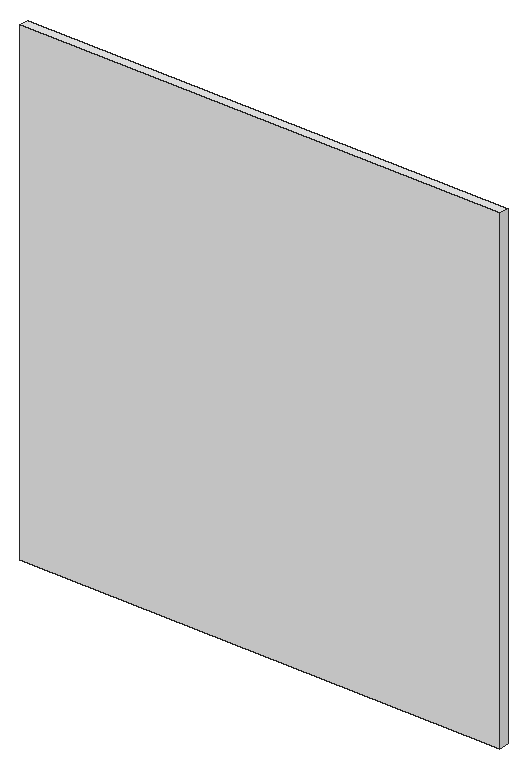
Revit family "Brick Greco Blanco_305591001", category Modelos genéricos, Revit 2024
Family settings
  Puede alojar armadura = No
  Cota de conector redondo = Usar diámetro
  Tipo de pieza = Normal
  Se basa en plano de trabajo = No
  Siempre vertical = Sí
  Corte con vacíos al cargar = No
  Mantener orientación de anotación = No
  Compartido = No
  Punto de cálculo de habitación = No
Parameters
  Elevación por defecto = 0 mm
Reference planes
  plane 1 "Center (Front/Back)": y = 0
  plane 2: z = 0
  plane 3 "Center (Left/Right)": x = 0
Forms (mm)
  Extrusion 1, solid, material "Analytical Panels"
    sketch origin (0, 0, 0) x (1, 0, 0) y (0, 1, 0)
      loop
        line (-1366.384, -136.448) -> (-1366.384, -194.576) -> (1633.616, -194.576) -> (1633.616, -136.448) -> (-1366.384, -136.448)
    from 0 to 3000
Dimensions and locks
  Extrusion 1 sketch curve to Extrusion 1 sketch curve = 58.128 mm
  Extrusion 1 to Extrusion 1 = 3000 mm  (x2)
  aligned and locked: level to plane 2
